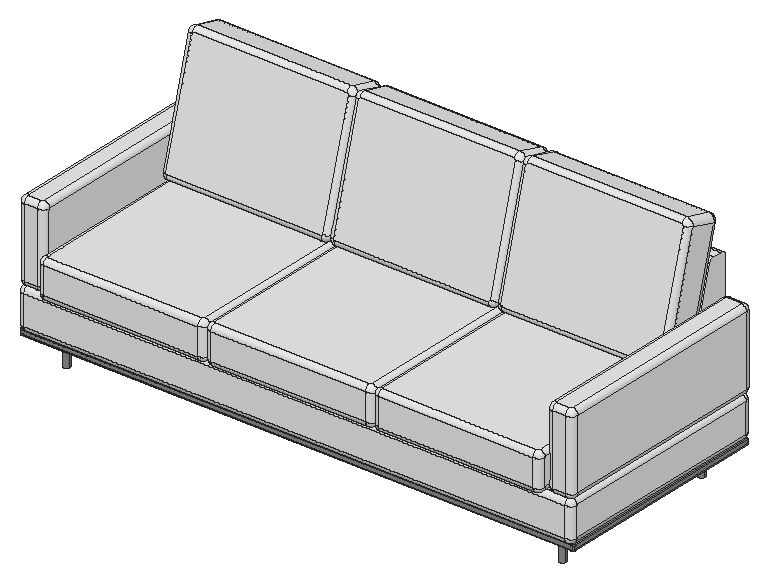
Revit family "Inkoo Pro sofa", category Furniture, Revit 2015
Parameters (values of type "Inkoo pro 3 persons with armrest")
  Upholstery cushions [instance] = Leather - white
  Uniclass 2.0 Description = ""
  Uniclass 2.0 Code = ""
  Uniclass 1.4 Description = ""
  Uniclass 1.4 Code = ""
  URL = "www.isku.fi"
  UNSPSC Code = ""
  Type Comments = "Available as antimicrobial"  # constant formula
  Talo 2000 Hankenimike = ""
  Sofa Width = 2150 mm
  Seat support = Inkoo cushion : Seat 2150
  Seat cushion type = Inkoo cushion : Cushion 650x700x145 seat
  Right Arm Visibility = yes
  ProdLibID = ""
  Platform = Inkoo cushion : Support platform 900x2150x20
  NBS Reference Description = ""
  NBS Reference Code = ""
  Manufacturer = "Isku Oy"  # constant formula
  Left Arm Visibility = yes
  Material legs = RAL 9006 Abloy Aluminum grey
  IFC Classification = ""
  EAN Code = ""
  Cushion location = 100 mm
  COBle Type Category = ""
  Back support cushion type = Inkoo cushion : Cushion 650x500x145 back support
  Author = "ProdLib Oy"  # constant formula
  Sofa bottom upholstery [instance] = Leather - white
  3rd cushion = yes
  2nd cushion = yes
  1st cushion = yes
Types (4, lengths in mm): name | Sofa Width | Seat support | Right Arm Visibility | Platform | Left Arm Visibility | Material legs | 3rd cushion | 2nd cushion
  Inkoo pro 3 persons with armrest | 2150 | Inkoo cushion : Seat 2150 | yes | Inkoo cushion : Support platform 900x2150x20 | yes | RAL 9006 Abloy Aluminum grey | yes | yes
  Inkoo pro 2 persons with armrest | 1500 | Inkoo cushion : Seat 1500 | yes | Inkoo cushion : Support platform 900x1500x20 | yes | Aluminum | no | yes
  Inkoo pro 1 persons with armrest | 850 | Inkoo cushion : Seat 850 | yes | Inkoo cushion : Support platform 900x850x20 | yes | Aluminum | no | no
  Inkoo pro 1 persons no armrest | 850 | Inkoo cushion : Seat 650 | no | Inkoo cushion : Support platform 900x650x20 | no | Aluminum | no | no
Reference planes
  plane 1 "Center (Front/Back)": y = 0
  plane 2: z = 0
  plane 3 "Center (Left/Right)": x = 0
  plane 4: x = -1075
  plane 5: x = 1075
  plane 6: x = -1075
  plane 7: y = 500
  plane 8: y = -400.066
  plane 9: x = -975
  plane 10: x = 975
Forms (mm)
  Extrusion 1, solid, material "Leather - white" <- "Upholstery cushions"
    sketch origin (0, 0, 0) x (0, 1, 0) y (0, 0, 1)
      loop
        arc (445.118, 745.877) -> (433.088, 741.866) -> (425.872, 731.439) r 20.047
        line (425.872, 731.439) -> (300.057, 286.246) -> (479.981, 286.246)
        arc (479.981, 286.246) -> (494.126, 292.106) -> (499.981, 306.252) r 20
        line (499.981, 306.252) -> (499.864, 726)
        arc (499.864, 726) -> (494.586, 739.512) -> (481.551, 745.877) r 19.95
        line (481.551, 745.877) -> (445.118, 745.877)
    from -975 to 975
  Extrusion 2, solid, material "RAL 9006 Abloy Aluminum grey" <- "Material legs"
    sketch origin (-636.77, 0, 0) x (1, 0, 0) y (0, 1, 0)
      loop
        circle (-326.23, -271.967) r 12
    from 0 to 109
  Extrusion 3, solid, material "RAL 9006 Abloy Aluminum grey" <- "Material legs"
    sketch origin (-636.77, 672.954, 0) x (1, 0, 0) y (0, 1, 0)
      loop
        circle (-326.23, -271.967) r 12
    from 0 to 109
  Extrusion 4, solid, material "RAL 9006 Abloy Aluminum grey" <- "Material legs"
    sketch origin (637.989, 0, 0) x (-1, 0, 0) y (0, -1, 0)
      loop
        circle (-325.011, 271.967) r 12
    from 0 to 109
  Extrusion 5, solid, material "RAL 9006 Abloy Aluminum grey" <- "Material legs"
    sketch origin (637.989, 672.954, 0) x (-1, 0, 0) y (0, -1, 0)
      loop
        circle (-325.011, 271.967) r 12
    from 0 to 109
Lines and regions (mm)
  symbolic lines
    curve 1: line (-975, -400.066, 0) -> (975, -400.066, 0)
    curve 2: line (-975, 499.864, 0) -> (-975, -400.066, 0)
    curve 3: line (975, 499.864, 0) -> (-975, 499.864, 0)
    curve 4: line (975, -400.066, 0) -> (975, 499.864, 0)
    curve 11: line (-975, 200, 0) -> (975, 200, 0)
  symbolic lines, visible <- "Left Arm Visibility"
    curve 5: line (-1075, -370, 0) -> (-975, -370, 0)
    curve 6: line (-1075, -370, 0) -> (-1075, 500, 0)
    curve 7: line (-1075, 500, 0) -> (-975, 500, 0)
  symbolic lines, visible <- "Right Arm Visibility"
    curve 8: line (975, 499.864, 0) -> (1075, 499.864, 0)
    curve 9: line (1075, 499.864, 0) -> (1075, -370, 0)
    curve 10: line (1075, -370, 0) -> (975, -370, 0)
Dimensions and locks
  "Sofa Width": plane 6 to plane 5
  "Cushion location": plane 9 to plane 6
  equal spacing: plane 5, plane 3 "Center (Left/Right)", plane 6
  plane 3 "Center (Left/Right)" to plane 9 = 975 mm
  "Cushion location": plane 5 to plane 10
  aligned and locked: level to plane 2
  aligned and locked: plane 6 to plane 4
  aligned and locked: nested 1 to plane 7
  aligned and locked: nested 5 to plane 8
  aligned and locked: nested 4 to plane 8
  aligned and locked: nested 6 to plane 8
  aligned and locked: plane 5 to nested 3
  aligned and locked: nested 2 to plane 6
  aligned and locked: Extrusion 1 to plane 9
  aligned and locked: nested 9 to nested 7
  aligned and locked: nested 4 to nested 5
  aligned and locked: nested 10 to nested 9
  aligned and locked: nested 6 to nested 4
  aligned and locked: plane 9 to nested 7
  aligned and locked: plane 9 to nested 5
  aligned and locked: Extrusion 1 to plane 10
  aligned and locked: nested 8 to plane 3 "Center (Left/Right)"
  aligned and locked: plane 3 "Center (Left/Right)" to nested 1
  aligned and locked: plane 9 to Extrusion 3
  aligned and locked: plane 9 to Extrusion 2
  aligned and locked: plane 10 to Extrusion 4
  aligned and locked: plane 10 to Extrusion 5
  aligned and locked: curve 1 to nested 5
  aligned and locked: curve 3 to Extrusion 1
  aligned and locked: curve 4 to Extrusion 1
Automatic sketch dimensions
  plane 7 to Extrusion 1 sketch curve = 199.943 mm
  plane 7 to Extrusion 1 sketch curve = 74.128 mm
  Extrusion 1 sketch curve to Extrusion 1 sketch curve = 19.246 mm
  plane 7 to Extrusion 1 sketch curve = 20.086 mm
  plane 7 to Extrusion 1 sketch curve = 20.019 mm
  plane 7 to Extrusion 1 sketch curve = 18.449 mm
  plane 7 to Extrusion 1 sketch curve = 0.136 mm
  plane 7 to Extrusion 1 sketch curve = 0.019 mm
  level to Extrusion 1 sketch curve = 286.246 mm
  Extrusion 1 sketch curve to Extrusion 1 sketch curve = 20 mm
  Extrusion 1 sketch curve to Extrusion 1 sketch curve = 419.584 mm
  Extrusion 1 sketch curve to Extrusion 1 sketch curve = 0.164 mm
  Extrusion 1 sketch curve to Extrusion 1 sketch curve = 0.006 mm
  Extrusion 2 sketch curve to plane 4 = 112 mm
  Extrusion 2 sketch curve to plane 8 = 128.099 mm
  Extrusion 3 sketch curve to plane 4 = 112 mm
  plane 7 to Extrusion 3 sketch curve = 99.013 mm
  plane 5 to Extrusion 4 sketch curve = 112 mm
  plane 8 to Extrusion 4 sketch curve = 128.099 mm
  plane 5 to Extrusion 5 sketch curve = 112 mm
  Extrusion 5 sketch curve to plane 7 = 99.013 mm
  curve 6 to plane 4 = 0 mm
  plane 8 to curve 2 = 0 mm
  curve 2 to plane 9 = 0 mm
  plane 7 to curve 7 = 0 mm
  curve 7 to plane 9 = 0 mm
  curve 9 to plane 5 = 0 mm
  curve 10 to plane 8 = 30.066 mm
  curve 5 to plane 8 = 30.066 mm
  curve 11 to plane 1 "Center (Front/Back)" = 200 mm
  radius of Extrusion 2 sketch curve = 12 mm
  radius of Extrusion 3 sketch curve = 12 mm
  radius of Extrusion 4 sketch curve = 12 mm
  radius of Extrusion 5 sketch curve = 12 mm
Nested families
  nested 1: "Inkoo cushion" at (0, 65, 130), Upholstery <- "Upholstery cushions", type <- "Seat support", type "Seat 2150"
    with Upholstery Leather - white, Width 2150 mm, Thickness 155 mm, Radius 2 20 mm, Radius 25 mm, Depth 870 mm
  nested 2: "Inkoo cushion" at (-1025, 68.9, 285), visible <- "Left Arm Visibility", Upholstery <- "Upholstery cushions", type "Armrest cushion"
    with Upholstery Leather - white, Width 100 mm, Thickness 310 mm, Radius 2 20 mm, Radius 25 mm, Depth 870 mm
  nested 3: "Inkoo cushion" at (1025, 68.9, 285) x (-1, 0, 0) z (0, 0, 1), visible <- "Right Arm Visibility", Upholstery <- "Upholstery cushions", type "Armrest cushion"
    with Upholstery Leather - white, Width 100 mm, Thickness 310 mm, Radius 2 20 mm, Radius 25 mm, Depth 870 mm
  nested 4: "Inkoo cushion" at (0, -50.066, 285), Upholstery <- "Upholstery cushions", visible <- "2nd cushion", type <- "Seat cushion type", type "Cushion 650x700x145 seat"
    with Upholstery Leather - white, Width 650 mm, Thickness 145 mm, Radius 2 20 mm, Radius 25 mm, Depth 700 mm
  nested 5: "Inkoo cushion" at (-650, -50.066, 285), Upholstery <- "Upholstery cushions", visible <- "1st cushion", type <- "Seat cushion type", type "Cushion 650x700x145 seat"
    with Upholstery Leather - white, Width 650 mm, Thickness 145 mm, Radius 2 20 mm, Radius 25 mm, Depth 700 mm
  nested 6: "Inkoo cushion" at (650, -50.066, 285), Upholstery <- "Upholstery cushions", visible <- "3rd cushion", type <- "Seat cushion type", type "Cushion 650x700x145 seat"
    with Upholstery Leather - white, Width 650 mm, Thickness 145 mm, Radius 2 20 mm, Radius 25 mm, Depth 700 mm
  nested 7: "Inkoo cushion" at (-650, 401.233, 644.255) x (1, 0, 0) z (0, -0.9623, 0.272), Upholstery <- "Upholstery cushions", visible <- "1st cushion", type <- "Back support cushion type", type "Cushion 650x500x145 back support"
    with Upholstery Leather - white, Width 650 mm, Thickness 145 mm, Radius 2 20 mm, Radius 25 mm, Depth 500 mm
  nested 8: "Inkoo cushion" at (0, 65, 130) x (-1, 0, 0) z (0, 0, -1), Upholstery <- "Material legs", type <- "Platform", type "Support platform 900x2150x20"
    with Upholstery RAL 9006 Abloy Aluminum grey, Width 2150 mm
  nested 9: "Inkoo cushion" at (0, 401.233, 644.255) x (1, 0, 0) z (0, -0.9623, 0.272), Upholstery <- "Upholstery cushions", visible <- "2nd cushion", type <- "Back support cushion type", type "Cushion 650x500x145 back support"
    with Upholstery Leather - white, Width 650 mm, Thickness 145 mm, Radius 2 20 mm, Radius 25 mm, Depth 500 mm
  nested 10: "Inkoo cushion" at (650, 401.233, 644.255) x (1, 0, 0) z (0, -0.9623, 0.272), Upholstery <- "Upholstery cushions", visible <- "3rd cushion", type <- "Back support cushion type", type "Cushion 650x500x145 back support"
    with Upholstery Leather - white, Width 650 mm, Thickness 145 mm, Radius 2 20 mm, Radius 25 mm, Depth 500 mm
Definition of nested family "Inkoo cushion"
  Parameters
    Width = 1500 mm
    Thickness = 20 mm
    Radius 2 = 2.5 mm
    Upholstery [instance] = none
    Radius = 5 mm
    Depth = 850 mm
  Reference planes
    plane 1 "Center (Front/Back)": y = 0
    plane 2: z = 0
    plane 3 "Center (Left/Right)": x = 0
    plane 4: x = -750
    plane 5: x = 750
    plane 6: y = 425
    plane 7: y = -425
    plane 8: z = 20
  Forms (mm)
    Extrusion 1, solid, material <- "Upholstery"
      sketch origin (0, 0, 0) x (1, 0, 0) y (0, 1, 0)
        loop
          line (-745, -425) -> (745, -425)
          arc (745, -425) -> (748.536, -423.536) -> (750, -420) r 5
          line (750, -420) -> (750, 420)
          arc (750, 420) -> (748.536, 423.536) -> (745, 425) r 5
          line (745, 425) -> (-745, 425)
          arc (-745, 425) -> (-748.536, 423.536) -> (-750, 420) r 5
          line (-750, 420) -> (-750, -420)
          arc (-750, -420) -> (-748.536, -423.536) -> (-745, -425) r 5
      from 0 to 20 <- "Thickness"
    Sweep 2, void
      path in 3D
        loop
          arc (750, 420, 20) -> (748.536, 423.536, 20) -> (745, 425, 20) r 5
          line (745, 425, 20) -> (-745, 425, 20)
          arc (-745, 425, 20) -> (-748.536, 423.536, 20) -> (-750, 420, 20) r 5
          line (-750, 420, 20) -> (-750, -420, 20)
          arc (-750, -420, 20) -> (-748.536, -423.536, 20) -> (-745, -425, 20) r 5
          line (-745, -425, 20) -> (745, -425, 20)
          arc (745, -425, 20) -> (748.536, -423.536, 20) -> (750, -420, 20) r 5
          line (750, -420, 20) -> (750, 420, 20)
      profile "Pyöristys Anssi : Pyöristys Anssi" origin (750, 0, 20) x (-1, 0, 0) y (0, 0, 1)
        loop
          line (0, 0) -> (0, -2.5)
          arc (0, -2.5) -> (0.732, -0.732) -> (2.5, 0) r 2.5
          line (2.5, 0) -> (0, 0)
    Sweep 3, void
      path in 3D
        loop
          arc (750, -420, 0) -> (748.536, -423.536, 0) -> (745, -425, 0) r 5
          line (745, -425, 0) -> (-745, -425, 0)
          arc (-745, -425, 0) -> (-748.536, -423.536, 0) -> (-750, -420, 0) r 5
          line (-750, -420, 0) -> (-750, 420, 0)
          arc (-750, 420, 0) -> (-748.536, 423.536, 0) -> (-745, 425, 0) r 5
          line (-745, 425, 0) -> (745, 425, 0)
          arc (745, 425, 0) -> (748.536, 423.536, 0) -> (750, 420, 0) r 5
          line (750, 420, 0) -> (750, -420, 0)
      profile "Pyöristys Anssi : Pyöristys Anssi" origin (750, 0, 0) x (-1, 0, 0) y (0, 0, -1)
        loop
          line (0, 0) -> (0, -2.5)
          arc (0, -2.5) -> (0.732, -0.732) -> (2.5, 0) r 2.5
          line (2.5, 0) -> (0, 0)
  Cuts and joins
    Sweep 2, Sweep 3 cuts Extrusion 1
  Lines and regions (mm)
    sketch lines
      curve 1: line (750, -420, 20) -> (750, 420, 20)
      curve 2: arc (745, 425, 20) -> (748.536, 423.536, 20) -> (750, 420, 20) r 5
      curve 3: line (745, 425, 20) -> (-745, 425, 20)
      curve 4: arc (-750, 420, 20) -> (-748.536, 423.536, 20) -> (-745, 425, 20) r 5
      curve 5: line (-750, 420, 20) -> (-750, -420, 20)
      curve 6: arc (-745, -425, 20) -> (-748.536, -423.536, 20) -> (-750, -420, 20) r 5
      curve 7: line (-745, -425, 20) -> (745, -425, 20)
      curve 8: arc (750, -420, 20) -> (748.536, -423.536, 20) -> (745, -425, 20) r 5
      curve 9: line (750, 420, 0) -> (750, -420, 0)
      curve 10: arc (750, 420, 0) -> (748.536, 423.536, 0) -> (745, 425, 0) r 5
      curve 11: line (-745, 425, 0) -> (745, 425, 0)
      curve 12: arc (-745, 425, 0) -> (-748.536, 423.536, 0) -> (-750, 420, 0) r 5
      curve 13: line (-750, -420, 0) -> (-750, 420, 0)
      curve 14: arc (-750, -420, 0) -> (-748.536, -423.536, 0) -> (-745, -425, 0) r 5
      curve 15: line (745, -425, 0) -> (-745, -425, 0)
      curve 16: arc (745, -425, 0) -> (748.536, -423.536, 0) -> (750, -420, 0) r 5
  Dimensions and locks
    equal spacing: plane 6, plane 1 "Center (Front/Back)", plane 7
    equal spacing: plane 4, plane 3 "Center (Left/Right)", plane 5
    "Width": plane 4 to plane 5
    "Depth": plane 6 to plane 7
    "Thickness": plane 8 to plane 2
    "Radius": radius of Extrusion 1 sketch curve  (x4)
    aligned and locked: level to plane 2
    aligned and locked: Extrusion 1 sketch curve to plane 7
    aligned and locked: Extrusion 1 sketch curve to plane 4
    aligned and locked: plane 6 to Extrusion 1 sketch curve
    aligned and locked: plane 5 to Extrusion 1 sketch curve
